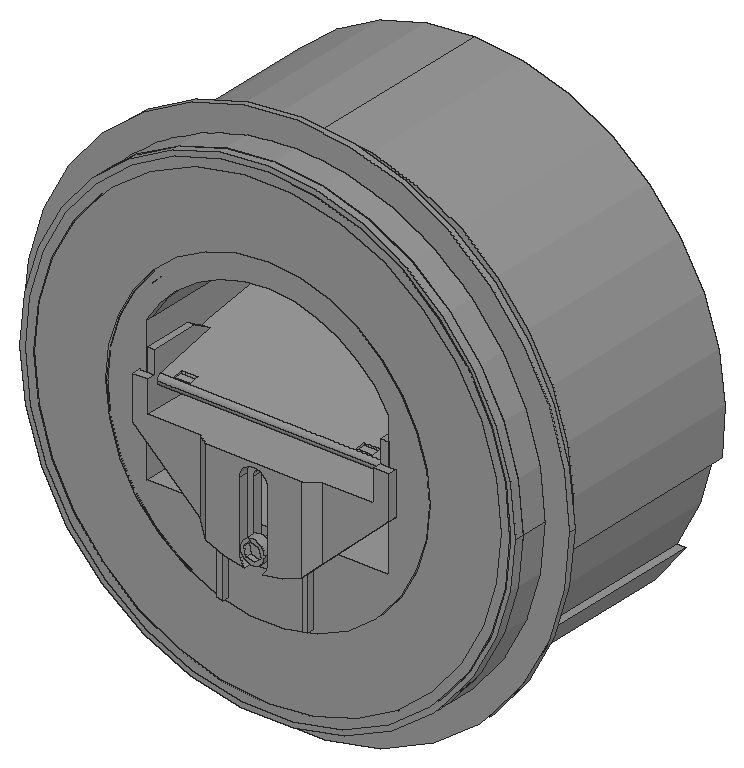
Revit family "CR 5 Inch Diameter", category Mechanical Equipment, Revit 2015
Parameters
  URL = "http://unitedenertech.com/catalog/pdf/L_2B,C%20Model%20CR.pdf"
  Type Comments = "5\" Diameter Model"
  Model = "CR"
  Manufacturer = "United Enertech Corporation"
  Description = "Precision/Flow Damper"
  Depth = 0' - 2.4"
  Damper O.D. = 0' - 4.64"
Reference planes (in)
  plane 1 "Center (Front/Back)": y = 0
  plane 2: z = 0
  plane 3 "Center (Left/Right)": x = 0
  plane 4: x = -2.32
  plane 5: x = 2.32
Forms (in)
  Extrusion 1, solid, material "Plastic, Opaque Black"
    sketch origin (0, 0, 0) x (1, 0, 0) y (0, 0, 1)
      loop
        circle (0, 0) r 2.3
      loop
        circle (0, 0) r 1.49
    from 0 to -0.08
  Extrusion 2, solid, material "Plastic, Opaque Black"
    sketch origin (0, 0, 0) x (1, 0, 0) y (0, 0, 1)
      loop
        circle (0, 0) r 1.5
      loop
        line (1.125, 0) -> (1.125, 0.62097)
        arc (1.125, 0.62097) -> (0.65318, 1.10661) -> (0, 1.285) r 1.285
        arc (0, 1.285) -> (-0.65318, 1.10661) -> (-1.125, 0.62097) r 1.285
        line (-1.125, 0.62097) -> (-1.125, 0) -> (-1.125, -0.707) -> (0, -0.707) -> (1.07302, -0.707) -> (1.125, -0.707) -> (1.125, 0)
    from 0 to -0.08
  Extrusion 3, solid, material "Plastic, Opaque Black"
    sketch origin (0, 0, 0) x (1, 0, 0) y (0, 0, 1)
      loop
        circle (0, 0) r 2.2
      loop
        circle (0, 0) r 2.134
    from -0.08 to -0.464
  Extrusion 4, solid, material "Plastic, Opaque Black"
    sketch origin (0, 0, 0) x (1, 0, 0) y (0, 0, 1)
      loop
        arc (0, 1.335) -> (-0.69895, 1.1374) -> (-1.191, 0.60311) r 1.335
        line (-1.191, 0.60311) -> (-1.191, 0) -> (-1.191, -0.80939)
        arc (-1.191, -0.80939) -> (-1.13589, -0.88507) -> (-1.07599, -0.957) r 1.44
        line (-1.07599, -0.957) -> (0, -0.957) -> (1.07599, -0.957)
        arc (1.07599, -0.957) -> (1.13589, -0.88507) -> (1.191, -0.80939) r 1.44
        line (1.191, -0.80939) -> (1.191, 0) -> (1.191, 0.60311)
        arc (1.191, 0.60311) -> (0.69895, 1.1374) -> (0, 1.335) r 1.335
      loop
        line (-1.125, 0.62097) -> (-1.125, -0.707) -> (1.125, -0.707) -> (1.125, 0.62097)
        arc (1.125, 0.62097) -> (0, 1.285) -> (-1.125, 0.62097) r 1.285
    from -0.08 to -1.767
  Extrusion 5, solid, material "Plastic, Opaque Black"
    sketch origin (0, 0, 0) x (1, 0, 0) y (0, 0, 1)
      loop
        circle (0, 0) r 1.49
      loop
        arc (-0.957, -0.957) -> (0, -1.3534) -> (0.957, -0.957) r 1.3534
        line (0.957, -0.957) -> (1.07599, -0.957)
        arc (1.07599, -0.957) -> (1.43602, 0.10693) -> (0.92239, 1.1058) r 1.44
        arc (0.92239, 1.1058) -> (-1.03426, 1.00196) -> (-1.07599, -0.957) r 1.44
        line (-1.07599, -0.957) -> (-0.957, -0.957)
    from -0.08 to -0.464
  Extrusion 6, void
    sketch origin (0, 0, 0) x (1, 0, 0) y (0, 0, 1)
      loop
        line (-1.125, -0.62016) -> (-1.125, -1.04425) -> (1.125, -1.04425) -> (1.125, -0.62016) -> (-1.125, -0.62016)
    from -1.442 to -1.82441
  Extrusion 7, solid, material "Plastic, Opaque Black"
    sketch origin (0, 0, 0) x (1, 0, 0) y (0, 0, 1)
      loop
        line (-1.05, -0.098) -> (-1.05, 0.193) -> (-1.185, 0.193) -> (-1.185, -0.207) -> (-0.446, -0.89503)
        arc (-0.446, -0.89503) -> (-0.22909, -0.9734) -> (0, -1) r 1
        arc (0, -1) -> (0.22909, -0.9734) -> (0.446, -0.89503) r 1
        line (0.446, -0.89503) -> (1.185, -0.207) -> (1.185, 0.193) -> (1.05, 0.193) -> (1.05, -0.098) -> (-1.05, -0.098)
      loop
        line (-0.065, -0.263) -> (-0.065, -0.895)
        arc (-0.065, -0.895) -> (0, -0.96) -> (0.065, -0.895) r 0.065
        line (0.065, -0.895) -> (0.065, -0.263)
        arc (0.065, -0.263) -> (0, -0.198) -> (-0.065, -0.263) r 0.065
    from 0 to 0.08203
  Extrusion 8, solid, material "Plastic, Opaque Black"
    sketch origin (0, 0, 0) x (1, 0, 0) y (0, 0, 1)
      loop
        line (-0.42146, -0.73589) -> (-0.42146, -1.40586)
        arc (-0.42146, -1.40586) -> (-0.39652, -1.4131) -> (-0.37146, -1.41989) r 1.46768
        line (-0.37146, -1.41989) -> (-0.37146, -0.73589) -> (-0.42146, -0.73589)
      loop
        line (0.42146, -0.73589) -> (0.37146, -0.73589) -> (0.37146, -1.41989)
        arc (0.37146, -1.41989) -> (0.39652, -1.4131) -> (0.42146, -1.40586) r 1.46768
        line (0.42146, -1.40586) -> (0.42146, -0.73589)
    from 0 to 0.06193
  Blend 9, solid, material "Plastic, Opaque Black"
    base sketch origin (0, 0, 0) x (1, 0, 0) y (0, 0, 1)
      loop
        arc (-0.446, -0.89503) -> (0, -1) -> (0.446, -0.89503) r 1
        line (0.446, -0.89503) -> (0.446, -0.098) -> (-0.446, -0.098) -> (-0.446, -0.89503)
    top sketch origin (0, 0, 0) x (1, 0, 0) y (0, 0, 1)
      loop
        line (-0.446, -0.098) -> (-0.566, -0.098) -> (-0.566, -0.78331) -> (-0.446, -0.89503)
        arc (-0.446, -0.89503) -> (0, -1) -> (0.446, -0.89503) r 1
        line (0.446, -0.89503) -> (0.566, -0.78331) -> (0.566, -0.098) -> (0.446, -0.098) -> (-0.446, -0.098)
    from 0.16303 to 0.08203
  Extrusion 10, void
    sketch origin (0, 0, 0) x (1, 0, 0) y (0, 0, 1)
      loop
        arc (-0.13141, -0.895) -> (0, -1.02641) -> (0.13141, -0.895) r 0.13141
        line (0.13141, -0.895) -> (0.13141, -0.263)
        arc (0.13141, -0.263) -> (0, -0.13159) -> (-0.13141, -0.263) r 0.13141
        line (-0.13141, -0.263) -> (-0.13141, -0.895)
    from 0.08203 to 0.20392
  Extrusion 11, solid, material "Plastic, Opaque Black"
    sketch origin (0, 0, 0) x (1, 0, 0) y (0, 0, 1)
      loop
        line (-1.05, -0.098) -> (-1.05, 0.402) -> (-1.125, 0.402) -> (-1.125, -0.26286) -> (1.125, -0.26286) -> (1.125, 0.402) -> (1.05, 0.402) -> (1.05, -0.098) -> (-1.05, -0.098)
    from -0.464 to 0
  Extrusion 12, solid, material "Plastic, Opaque Black"
    sketch origin (0, 0, 0) x (0, 1, 0) y (0, 0, 1)
      loop
        line (0.464, -0.26286) -> (1.214, -0.26286) -> (1.214, -0.01286) -> (0.464, 0.402) -> (0.464, -0.26286)
    from 1.05 to 1.125
  Extrusion 13, solid, material "Plastic, Opaque Black"
    sketch origin (0, 0, 0) x (0, 1, 0) y (0, 0, -1)
      loop
        line (0.464, 0.26286) -> (0.464, -0.402) -> (1.214, 0.01286) -> (1.214, 0.26286) -> (0.464, 0.26286)
    from 1.05 to 1.125
  Extrusion 14, solid, material "Plastic, Opaque Black"
    sketch origin (0, 0, 0) x (1, 0, 0) y (0, 1, 0)
      loop
        line (-1.05, 0.464) -> (1.05, 0.464) -> (1.05, 1.442)
        arc (1.05, 1.442) -> (0, 1.81895) -> (-1.05, 1.442) r 1.65087
        line (-1.05, 1.442) -> (-1.05, 0.464)
    from 0.1463 to 0.193
  Extrusion 15, solid, material "Plastic, Opaque Black"
    sketch origin (0, 0, 0) x (0, 1, 0) y (0, 0, 1)
      loop
        line (0.464, -0.18722) -> (0.7083, -0.18722) -> (0.7083, 0.1463) -> (0.464, 0.1463) -> (0.464, -0.18722)
    from -1.05 to 1.05
  Extrusion 16, solid, material "Plastic, Opaque Black"
    sketch origin (0, 0, 0) x (0, 1, 0) y (0, 0, 1)
      loop
        line (0.464, 0.193) -> (0.35965, 0.193) -> (0.35965, 0.08103) -> (0.464, 0.08103) -> (0.464, 0.193)
    from -0.4375 to 0.4375
  Extrusion 17, solid, material "Plastic, Opaque Black"
    sketch origin (0, 0, 0) x (0, 1, 0) y (0, 0, 1)
      loop
        line (0.7083, 0.1463) -> (0.7083, -0.08209) -> (0.83117, -0.08209) -> (0.83117, 0.1463) -> (0.7083, 0.1463)
    from -0.25 to 0.25
  Extrusion 18, solid, material "Plastic, Opaque Black"
    sketch origin (0, 0, 0) x (1, 0, 0) y (0, 0, 1)
      loop
        circle (0, 0.02793) r 0.06938
    from -0.83117 to -1.27974
  Extrusion 19, solid, material "Aluminum"
    sketch origin (0, 0, -0.2308) x (1, 0, 0) y (0, 0, 1)
      loop
        circle (0, -0.60301) r 0.1095
    from 0.08203 to 0.17747
  Extrusion 20, solid, material "Aluminum"
    sketch origin (0, 0, 0) x (1, 0, 0) y (0, 0, 1)
      loop
        circle (0, -0.83381) r 0.05567
    from 0 to 0.08203
  Extrusion 21, void
    sketch origin (-2.5, 0, 0) x (1, 0, 0) y (0, 0, 1)
      loop
        line (2.56158, -0.77222) -> (2.47746, -0.74968) -> (2.41587, -0.81127) -> (2.43842, -0.89539) -> (2.52254, -0.91793) -> (2.58413, -0.85635) -> (2.56158, -0.77222)
    from 0.11616 to 0.20652
  Extrusion 22, solid, material "Plastic, Opaque Black"
    sketch origin (0, 0.08934, -0.15811) x (1, 0, 0) y (0, 0.978148, 0.207912)
      loop
        line (-1.05, 0.0413) -> (1.05, 0.0413) -> (1.05, 0.464) -> (1.125, 0.464) -> (1.07202, 1.47487)
        arc (1.07202, 1.47487) -> (0, 1.85986) -> (-1.07202, 1.47487) r 1.68504
        line (-1.07202, 1.47487) -> (-1.125, 0.464) -> (-1.05, 0.464) -> (-1.05, 0.0413)
    from 0.31779 to 0.34205
  Extrusion 23, solid, material "Plastic, Opaque Black"
    sketch origin (0, 0, 0) x (0, 1, 0) y (0, 0, 1)
      loop
        circle (0.06939, 0.13792) r 0.04834
    from -1.05 to 1.05
  Sweep 24, solid, material "Plastic, Opaque Black"
    path in 3D
      loop
        arc (-1.07202, 1.46086, 0.4831) -> (0, 1.83744, 0.56314) -> (1.07202, 1.46086, 0.4831) r 1.68504
    profile origin (0, 1.83744, 0.56314) x (0, 0.978148, 0.207912) y (0, -0.207912, 0.978148)
      loop
        line (0, 0) -> (-0.03461, -0.02248)
        arc (-0.03461, -0.02248) -> (-0.01487, -0.44914) -> (-0.20561, -0.83131) r 0.84803
        line (-0.20561, -0.83131) -> (-0.18109, -0.85197)
        arc (-0.18109, -0.85197) -> (0.01613, -0.44866) -> (0, 0) r 0.9241
  Extrusion 25, void
    sketch origin (0, 0, 0) x (0, 1, 0) y (0, 0, 1)
      loop
        line (0.14613, 0.1906) -> (0.17059, 0.24056) -> (0.06874, 0.22806) -> (0.06874, 0.17273) -> (0.14613, 0.1906)
    from 0.77052 to 0.92376
  Extrusion 26, void
    sketch origin (0, 0, 0) x (0, 1, 0) y (0, 0, -1)
      loop
        line (0.14613, -0.1906) -> (0.06874, -0.17273) -> (0.06874, -0.22806) -> (0.17059, -0.24056) -> (0.14613, -0.1906)
    from 0.77052 to 0.92376
  Extrusion 27, solid, material "Plastic, Opaque Black"
    sketch origin (-13.72259, 0, 0) x (1, 0, 0) y (0, 0, 1)
      loop
        circle (13.72259, 0) r 2.25
      loop
        circle (13.72259, 0) r 2.17
    from 0 to -0.65
  Extrusion 28, solid, material "Plastic, Opaque Black"
    sketch origin (-13.72259, 0, 0) x (1, 0, 0) y (0, 0, 1)
      loop
        line (11.58612, -0.38) -> (11.50491, -0.38)
        arc (11.50491, -0.38) -> (11.63035, -0.82767) -> (11.84512, -1.24) r 2.25
        line (11.84512, -1.24) -> (11.94178, -1.24)
        arc (11.94178, -1.24) -> (11.7173, -0.82929) -> (11.58612, -0.38) r 2.17
      loop
        line (15.5034, -1.24) -> (15.60006, -1.24)
        arc (15.60006, -1.24) -> (15.81483, -0.82767) -> (15.94027, -0.38) r 2.25
        line (15.94027, -0.38) -> (15.85906, -0.38)
        arc (15.85906, -0.38) -> (15.72788, -0.82929) -> (15.5034, -1.24) r 2.17
    from -2.4 to -0.65
  Extrusion 29, solid, material "Plastic, Opaque Black"
    sketch origin (-13.72259, 0, 0) x (1, 0, 0) y (0, 0, 1)
      loop
        line (11.43392, -0.38) -> (11.53306, -0.38)
        arc (11.53306, -0.38) -> (12.02216, 1.43073) -> (13.72259, 2.22226) r 2.22226
        arc (13.72259, 2.22226) -> (15.42302, 1.43073) -> (15.91212, -0.38) r 2.22226
        line (15.91212, -0.38) -> (16.01126, -0.38)
        arc (16.01126, -0.38) -> (15.49234, 1.50013) -> (13.72259, 2.32) r 2.32
        arc (13.72259, 2.32) -> (11.95284, 1.50013) -> (11.43392, -0.38) r 2.32
      loop
        arc (11.76177, -1.24) -> (13.72259, -2.32) -> (15.68341, -1.24) r 2.32
        line (15.68341, -1.24) -> (15.56673, -1.24)
        arc (15.56673, -1.24) -> (13.72259, -2.22226) -> (11.87845, -1.24) r 2.22226
        line (11.87845, -1.24) -> (11.76177, -1.24)
    from -2.4 to -0.65
  Extrusion 30, solid, material "Plastic, Opaque Black"
    sketch origin (-13.72259, 0, 0) x (1, 0, 0) y (0, 0, 1)
      loop
        arc (11.58612, -0.38) -> (11.7173, -0.82929) -> (11.94178, -1.24) r 2.17
        line (11.94178, -1.24) -> (15.5034, -1.24)
        arc (15.5034, -1.24) -> (15.72788, -0.82929) -> (15.85906, -0.38) r 2.17
        line (15.85906, -0.38) -> (11.58612, -0.38)
    from -2.4 to -2.265
  Extrusion 31, void
    sketch origin (-13.72259, 0, 0) x (1, 0, 0) y (0, 0, 1)
      loop
        line (11.88738, -1.15797) -> (15.5578, -1.15797)
        arc (15.5578, -1.15797) -> (15.7307, -0.82244) -> (15.84283, -0.46203) r 2.17
        line (15.84283, -0.46203) -> (11.60235, -0.46203)
        arc (11.60235, -0.46203) -> (11.71448, -0.82244) -> (11.88738, -1.15797) r 2.17
    from -2.32708 to -2.20001
  Extrusion 32, void
    sketch origin (-13.72259, 0, 0) x (1, 0, 0) y (0, 0, 1)
      loop
        line (13.03259, -0.25) -> (13.03259, -1.33273) -> (14.41259, -1.33273) -> (14.41259, -0.25) -> (13.03259, -0.25)
    from -2.45577 to -2.20292
  Extrusion 33, solid, material "Plastic, Opaque Black"
    sketch origin (-13.72259, 0, 0) x (1, 0, 0) y (0, 1, 0)
      loop
        line (13.03259, 2.4) -> (13.03259, 2.265)
        arc (13.03259, 2.265) -> (13.72259, 2.4291) -> (14.41259, 2.265) r 1.5327
        line (14.41259, 2.265) -> (14.41259, 2.4)
        arc (14.41259, 2.4) -> (13.72259, 2.55109) -> (13.03259, 2.4) r 1.65109
    from -1.24 to -1.15797
  Extrusion 34, solid, material "Plastic, Opaque Black"
    sketch origin (-13.72259, 0, 0) x (1, 0, 0) y (0, 1, 0)
      loop
        line (13.03259, 2.4) -> (13.03259, 2.265)
        arc (13.03259, 2.265) -> (13.72259, 2.4291) -> (14.41259, 2.265) r 1.5327
        line (14.41259, 2.265) -> (14.41259, 2.4)
        arc (14.41259, 2.4) -> (13.72259, 2.55109) -> (13.03259, 2.4) r 1.65109
    from -0.46203 to -0.38
  Extrusion 35, solid, material "Plastic, Opaque Black"
    sketch origin (-13.72259, 0, 0) x (1, 0, 0) y (0, 1, 0)
      loop
        line (13.03259, 2.4) -> (13.03259, 2.32708)
        arc (13.03259, 2.32708) -> (13.72259, 2.48479) -> (14.41259, 2.32708) r 1.58824
        line (14.41259, 2.32708) -> (14.41259, 2.4)
        arc (14.41259, 2.4) -> (13.72259, 2.55109) -> (13.03259, 2.4) r 1.65109
    from -1.15797 to -0.46203
  Extrusion 36, solid, material "Rubber, Black"
    sketch origin (0, 0, 0) x (1, 0, 0) y (0, 0, 1)
      loop
        circle (0, 0) r 2.25
      loop
        circle (0, 0) r 2.3
    from -0.58911 to -0.08
  Extrusion 37, solid, material "Rubber, Black"
    sketch origin (0, 0, 0) x (1, 0, 0) y (0, 0, 1)
      loop
        circle (0, 0) r 2.5375
      loop
        circle (0, 0) r 2.3
    from -0.38456 to -0.33456
Cuts and joins
  Extrusion 6, Extrusion 10 cuts Extrusion 2
  Extrusion 6, Extrusion 10 cuts Extrusion 4
  joined: Extrusion 2, Extrusion 4
  Extrusion 6 cuts Extrusion 1
  Extrusion 6 cuts Extrusion 5
  Extrusion 10 cuts Extrusion 7
  Extrusion 10 cuts Blend 9
  joined: Extrusion 7, Blend 9, Extrusion 11, Extrusion 12, Extrusion 13
  joined: Extrusion 14, Extrusion 15, Extrusion 16, Extrusion 17, Extrusion 18
  Extrusion 21 cuts Extrusion 19
  Extrusion 25, Extrusion 26 cuts Extrusion 22
  Extrusion 25, Extrusion 26 cuts Extrusion 23
  joined: Extrusion 22, Extrusion 23
  joined: Extrusion 27, Extrusion 28
  Extrusion 31, Extrusion 32 cuts Extrusion 30
  joined: Extrusion 30, Extrusion 33, Extrusion 34, Extrusion 35
Lines and regions (in)
  sketch lines
    curve 1: arc (-1.07202, 1.46086, 0.4831) -> (0, 1.83744, 0.56314) -> (1.07202, 1.46086, 0.4831) r 1.68504
Dimensions and locks (in)
  "Damper O.D.": plane 4 to plane 5
  "Depth": Extrusion 29 to plane 1 "Center (Front/Back)"
  aligned and locked: level to plane 2
Automatic sketch dimensions
  Extrusion 1 sketch curve to Extrusion 1 sketch curve = 0' - 0"  (x2)
  Extrusion 1 sketch curve to level = 0' - 0"
  Extrusion 1 sketch curve to plane 3 "Center (Left/Right)" = 0' - 0"
  Extrusion 2 sketch curve to Extrusion 2 sketch curve = 0' - 0"  (x6)
  Extrusion 2 sketch curve to level = 0' - 0"  (x3)
  Extrusion 2 sketch curve to plane 3 "Center (Left/Right)" = 0' - 0"  (x2)
  Extrusion 2 sketch curve to Extrusion 2 sketch curve = 0' - 1 1/8"
  plane 3 "Center (Left/Right)" to Extrusion 2 sketch curve = 0' - 1.07302"
  level to Extrusion 2 sketch curve = 0' - 0.62097"
  plane 3 "Center (Left/Right)" to Extrusion 2 sketch curve = 0' - 1 1/8"
  Extrusion 2 sketch curve to level = 0' - 0.707"
  Extrusion 3 sketch curve to Extrusion 3 sketch curve = 0' - 0"  (x2)
  Extrusion 3 sketch curve to level = 0' - 0"
  Extrusion 3 sketch curve to plane 3 "Center (Left/Right)" = 0' - 0"
  Extrusion 4 sketch curve to Extrusion 4 sketch curve = 0' - 0"  (x20)
  Extrusion 4 sketch curve to level = 0' - 0"  (x3)
  Extrusion 4 sketch curve to plane 3 "Center (Left/Right)" = 0' - 0"  (x2)
  Extrusion 4 sketch curve to Extrusion 4 sketch curve = 0' - 1.07599"
  Extrusion 4 sketch curve to Extrusion 4 sketch curve = 0' - 0.04901"  (x2)
  Extrusion 4 sketch curve to Extrusion 4 sketch curve = 0' - 0.066"  (x2)
  plane 3 "Center (Left/Right)" to Extrusion 4 sketch curve = 0' - 1.07599"
  Extrusion 4 sketch curve to level = 0' - 0.707"
  Extrusion 4 sketch curve to Extrusion 4 sketch curve = 0' - 0.10239"
  Extrusion 4 sketch curve to Extrusion 4 sketch curve = 0' - 0.60311"
  Extrusion 4 sketch curve to Extrusion 4 sketch curve = 0' - 0.01786"
  Extrusion 5 sketch curve to Extrusion 5 sketch curve = 0' - 0"  (x12)
  Extrusion 5 sketch curve to level = 0' - 0"
  Extrusion 5 sketch curve to plane 3 "Center (Left/Right)" = 0' - 0"
  Extrusion 5 sketch curve to plane 3 "Center (Left/Right)" = 0' - 0.957"
  Extrusion 5 sketch curve to Extrusion 5 sketch curve = 0' - 0.11899"
  plane 3 "Center (Left/Right)" to Extrusion 5 sketch curve = 0' - 0.957"
  Extrusion 5 sketch curve to level = 0' - 0.957"
  plane 3 "Center (Left/Right)" to Extrusion 5 sketch curve = 0' - 0.92239"
  Extrusion 6 sketch curve to plane 3 "Center (Left/Right)" = 0' - 1 1/8"
  plane 3 "Center (Left/Right)" to Extrusion 6 sketch curve = 0' - 1 1/8"
  Extrusion 6 sketch curve to level = 0' - 1.04425"
  Extrusion 6 sketch curve to Extrusion 6 sketch curve = 0' - 0.42408"
  Extrusion 7 sketch curve to Extrusion 7 sketch curve = 0' - 0"  (x2)
  Extrusion 7 sketch curve to plane 3 "Center (Left/Right)" = 0' - 0"  (x2)
  Extrusion 7 sketch curve to level = 0' - 0"
  Extrusion 7 sketch curve to Extrusion 7 sketch curve = 0' - 0.065"
  Extrusion 7 sketch curve to Extrusion 7 sketch curve = 0' - 0.381"  (x2)
  Extrusion 7 sketch curve to level = 0' - 0.098"
  Extrusion 7 sketch curve to Extrusion 7 sketch curve = 0' - 0.985"
  Extrusion 7 sketch curve to Extrusion 7 sketch curve = 0' - 0.135"  (x2)
  level to Extrusion 7 sketch curve = 0' - 0.193"  (x2)
  plane 3 "Center (Left/Right)" to Extrusion 7 sketch curve = 0' - 1.05"
  Extrusion 7 sketch curve to level = 0' - 0.207"
  Extrusion 7 sketch curve to level = 0' - 0.263"
  Extrusion 7 sketch curve to Extrusion 7 sketch curve = 0' - 0.632"
  Extrusion 7 sketch curve to Extrusion 7 sketch curve = 0' - 0.00003"
  Extrusion 7 sketch curve to Extrusion 7 sketch curve = 0' - 0.109"
  Extrusion 8 sketch curve to Extrusion 8 sketch curve = 0' - 0"  (x2)
  Extrusion 8 sketch curve to level = 0' - 0"
  Extrusion 8 sketch curve to plane 3 "Center (Left/Right)" = 0' - 0"
  Extrusion 8 sketch curve to plane 3 "Center (Left/Right)" = 0' - 0.37146"
  Extrusion 8 sketch curve to Extrusion 8 sketch curve = 0' - 0.05"  (x2)
  plane 3 "Center (Left/Right)" to Extrusion 8 sketch curve = 0' - 0.37146"
  Extrusion 8 sketch curve to level = 0' - 0.73589"  (x2)
  Extrusion 8 sketch curve to Extrusion 8 sketch curve = 0' - 0.66997"  (x2)
  Blend 9 sketch curve to level = 0' - 0"  (x2)
  Blend 9 sketch curve to plane 3 "Center (Left/Right)" = 0' - 0"  (x2)
  Blend 9 sketch curve to plane 3 "Center (Left/Right)" = 0' - 0.446"  (x3)
  Blend 9 sketch curve to level = 0' - 0.098"  (x2)
  plane 3 "Center (Left/Right)" to Blend 9 sketch curve = 0' - 0.446"  (x3)
  Blend 9 sketch curve to Blend 9 sketch curve = 0' - 0.79703"
  Blend 9 sketch curve to Blend 9 sketch curve = 0' - 0.12"  (x2)
  Blend 9 sketch curve to Blend 9 sketch curve = 0' - 0.68531"  (x2)
  Blend 9 sketch curve to Blend 9 sketch curve = 0' - 0.11172"
  Extrusion 10 sketch curve to plane 3 "Center (Left/Right)" = 0' - 0"
  Extrusion 10 sketch curve to Extrusion 10 sketch curve = 0' - 0.13141"
  Extrusion 10 sketch curve to level = 0' - 0.895"
  Extrusion 10 sketch curve to level = 0' - 0.263"
  Extrusion 11 sketch curve to level = 0' - 0.26286"
  Extrusion 11 sketch curve to plane 3 "Center (Left/Right)" = 0' - 1 1/8"
  Extrusion 11 sketch curve to Extrusion 11 sketch curve = 0' - 0.075"  (x2)
  level to Extrusion 11 sketch curve = 0' - 0.402"  (x2)
  plane 3 "Center (Left/Right)" to Extrusion 11 sketch curve = 0' - 1.05"
  Extrusion 11 sketch curve to level = 0' - 0.098"
  Extrusion 12 sketch curve to plane 1 "Center (Front/Back)" = 0' - 0.464"
  Extrusion 12 sketch curve to level = 0' - 0.01286"
  Extrusion 12 sketch curve to Extrusion 12 sketch curve = 0' - 0 3/4"
  Extrusion 12 sketch curve to level = 0' - 0.26286"
  level to Extrusion 12 sketch curve = 0' - 0.402"
  Extrusion 13 sketch curve to plane 1 "Center (Front/Back)" = 0' - 0.464"
  Extrusion 13 sketch curve to level = 0' - 0.01286"
  Extrusion 13 sketch curve to Extrusion 13 sketch curve = 0' - 0 3/4"
  level to Extrusion 13 sketch curve = 0' - 0.402"
  Extrusion 13 sketch curve to Extrusion 13 sketch curve = 0' - 0 1/4"
  Extrusion 14 sketch curve to plane 3 "Center (Left/Right)" = 0' - 0"
  Extrusion 14 sketch curve to plane 1 "Center (Front/Back)" = 0' - 0.464"
  Extrusion 14 sketch curve to plane 3 "Center (Left/Right)" = 0' - 1.05"
  plane 3 "Center (Left/Right)" to Extrusion 14 sketch curve = 0' - 1.05"
  Extrusion 14 sketch curve to plane 1 "Center (Front/Back)" = 0' - 0.16808"
  Extrusion 14 sketch curve to Extrusion 14 sketch curve = 0' - 0.978"
  level to Extrusion 15 sketch curve = 0' - 0.1463"
  Extrusion 15 sketch curve to plane 1 "Center (Front/Back)" = 0' - 0.464"
  Extrusion 15 sketch curve to Extrusion 15 sketch curve = 0' - 0.2443"
  Extrusion 15 sketch curve to level = 0' - 0.18722"
  Extrusion 16 sketch curve to plane 1 "Center (Front/Back)" = 0' - 0.35965"
  Extrusion 16 sketch curve to Extrusion 16 sketch curve = 0' - 0.10435"
  level to Extrusion 16 sketch curve = 0' - 0.08103"
  Extrusion 16 sketch curve to Extrusion 16 sketch curve = 0' - 0.11197"
  Extrusion 17 sketch curve to level = 0' - 0.08209"
  Extrusion 17 sketch curve to plane 1 "Center (Front/Back)" = 0' - 0.7083"
  Extrusion 17 sketch curve to Extrusion 17 sketch curve = 0' - 0.12287"
  level to Extrusion 17 sketch curve = 0' - 0.1463"
  Extrusion 18 sketch curve to plane 3 "Center (Left/Right)" = 0' - 0"
  level to Extrusion 18 sketch curve = 0' - 0.02793"
  Extrusion 19 sketch curve to plane 3 "Center (Left/Right)" = 0' - 0"
  Extrusion 19 sketch curve to level = 0' - 0.83381"
  Extrusion 20 sketch curve to plane 3 "Center (Left/Right)" = 0' - 0"
  Extrusion 20 sketch curve to level = 0' - 0.83381"
  Extrusion 21 sketch curve to plane 3 "Center (Left/Right)" = 0' - 0.08413"
  Extrusion 21 sketch curve to plane 3 "Center (Left/Right)" = 0' - 0.06158"
  Extrusion 21 sketch curve to plane 3 "Center (Left/Right)" = 0' - 0.02254"
  plane 3 "Center (Left/Right)" to Extrusion 21 sketch curve = 0' - 0.02254"
  plane 3 "Center (Left/Right)" to Extrusion 21 sketch curve = 0' - 0.06158"
  plane 3 "Center (Left/Right)" to Extrusion 21 sketch curve = 0' - 0.08413"
  Extrusion 21 sketch curve to level = 0' - 0.91793"
  Extrusion 21 sketch curve to Extrusion 21 sketch curve = 0' - 0.02254"
  Extrusion 21 sketch curve to Extrusion 21 sketch curve = 0' - 0.06158"  (x2)
  Extrusion 21 sketch curve to Extrusion 21 sketch curve = 0' - 0.08413"  (x2)
  Extrusion 22 sketch curve to plane 3 "Center (Left/Right)" = 0' - 0"
  Extrusion 22 sketch curve to plane 3 "Center (Left/Right)" = 0' - 1.05"
  Extrusion 22 sketch curve to Extrusion 22 sketch curve = 0' - 0.02202"  (x2)
  Extrusion 22 sketch curve to Extrusion 22 sketch curve = 0' - 0.075"  (x2)
  plane 3 "Center (Left/Right)" to Extrusion 22 sketch curve = 0' - 1.05"
  Extrusion 22 sketch curve to Extrusion 22 sketch curve = 0' - 0.13352"
  Extrusion 22 sketch curve to Extrusion 22 sketch curve = 0' - 0.4227"  (x2)
  Extrusion 22 sketch curve to Extrusion 22 sketch curve = 0' - 1.01087"
  Extrusion 23 sketch curve to plane 1 "Center (Front/Back)" = 0' - 0.06939"
  level to Extrusion 23 sketch curve = 0' - 0.13792"
  profile plane to Sweep 24 sketch curve = 0' - 0"
  Sweep 24 sketch curve to profile plane = 0' - 0"
  profile plane to Sweep 24 sketch curve = 0' - 0.03461"
  profile plane to Sweep 24 sketch curve = 0' - 0.18109"
  Sweep 24 sketch curve to Sweep 24 sketch curve = 0' - 0.02451"
  Sweep 24 sketch curve to profile plane = 0' - 0.27374"
  profile plane to Sweep 24 sketch curve = 0' - 0.84456"
  Sweep 24 sketch curve to Sweep 24 sketch curve = 0' - 0.04322"
  Sweep 24 sketch curve to profile plane = 0' - 0.83131"
  Sweep 24 sketch curve to Sweep 24 sketch curve = 0' - 0.02066"
  Extrusion 25 sketch curve to plane 1 "Center (Front/Back)" = 0' - 0.06874"
  Extrusion 25 sketch curve to Extrusion 25 sketch curve = 0' - 0.07739"
  Extrusion 25 sketch curve to Extrusion 25 sketch curve = 0' - 0.02446"
  level to Extrusion 25 sketch curve = 0' - 0.17273"
  Extrusion 25 sketch curve to Extrusion 25 sketch curve = 0' - 0.01787"
  Extrusion 25 sketch curve to Extrusion 25 sketch curve = 0' - 0.05533"
  Extrusion 25 sketch curve to Extrusion 25 sketch curve = 0' - 0.04997"
  Extrusion 26 sketch curve to plane 1 "Center (Front/Back)" = 0' - 0.06874"
  Extrusion 26 sketch curve to Extrusion 26 sketch curve = 0' - 0.07739"
  Extrusion 26 sketch curve to Extrusion 26 sketch curve = 0' - 0.02446"
  level to Extrusion 26 sketch curve = 0' - 0.24056"
  Extrusion 26 sketch curve to Extrusion 26 sketch curve = 0' - 0.01251"
  Extrusion 26 sketch curve to Extrusion 26 sketch curve = 0' - 0.04997"
  Extrusion 26 sketch curve to Extrusion 26 sketch curve = 0' - 0.05533"
  Extrusion 27 sketch curve to Extrusion 27 sketch curve = 0' - 0"  (x2)
  Extrusion 27 sketch curve to level = 0' - 0"
  Extrusion 27 sketch curve to plane 3 "Center (Left/Right)" = 0' - 0"
  Extrusion 28 sketch curve to Extrusion 28 sketch curve = 0' - 0"  (x12)
  Extrusion 28 sketch curve to level = 0' - 0"
  Extrusion 28 sketch curve to plane 3 "Center (Left/Right)" = 0' - 0"
  Extrusion 28 sketch curve to plane 4 = 0' - 0.53919"
  Extrusion 28 sketch curve to Extrusion 28 sketch curve = 0' - 0.09666"  (x2)
  Extrusion 28 sketch curve to plane 4 = 0' - 0.18353"
  plane 5 to Extrusion 28 sketch curve = 0' - 0.53919"
  plane 5 to Extrusion 28 sketch curve = 0' - 0.18353"
  Extrusion 28 sketch curve to level = 0' - 0.38"  (x2)
  Extrusion 29 sketch curve to Extrusion 29 sketch curve = 0' - 0"  (x34)
  Extrusion 29 sketch curve to level = 0' - 0"
  Extrusion 29 sketch curve to plane 3 "Center (Left/Right)" = 0' - 0"
  Extrusion 29 sketch curve to plane 4 = 0' - 0.13047"
  Extrusion 29 sketch curve to plane 4 = 0' - 0.03133"
  plane 5 to Extrusion 29 sketch curve = 0' - 0.13047"
  Extrusion 29 sketch curve to level = 0' - 0.38"
  Extrusion 29 sketch curve to plane 4 = 0' - 0.47586"
  Extrusion 29 sketch curve to Extrusion 29 sketch curve = 0' - 0.11668"
  plane 5 to Extrusion 29 sketch curve = 0' - 0.47586"
  Extrusion 29 sketch curve to Extrusion 29 sketch curve = 0' - 0.86"
  Extrusion 30 sketch curve to Extrusion 30 sketch curve = 0' - 0"  (x2)
  Extrusion 30 sketch curve to level = 0' - 0"
  Extrusion 30 sketch curve to plane 3 "Center (Left/Right)" = 0' - 0"
  Extrusion 30 sketch curve to plane 4 = 0' - 0.53919"
  Extrusion 30 sketch curve to plane 4 = 0' - 0.18353"
  plane 5 to Extrusion 30 sketch curve = 0' - 0.53919"
  Extrusion 30 sketch curve to level = 0' - 0.38"
  Extrusion 31 sketch curve to Extrusion 31 sketch curve = 0' - 0"  (x2)
  Extrusion 31 sketch curve to level = 0' - 0"
  Extrusion 31 sketch curve to plane 3 "Center (Left/Right)" = 0' - 0"
  Extrusion 31 sketch curve to plane 4 = 0' - 0.48479"
  Extrusion 31 sketch curve to plane 4 = 0' - 0.19976"
  plane 5 to Extrusion 31 sketch curve = 0' - 0.48479"
  Extrusion 31 sketch curve to level = 0' - 0.46203"
  Extrusion 32 sketch curve to plane 3 "Center (Left/Right)" = 0' - 0.69"
  plane 3 "Center (Left/Right)" to Extrusion 32 sketch curve = 0' - 0.69"
  Extrusion 32 sketch curve to level = 0' - 1.33273"
  Extrusion 32 sketch curve to level = 0' - 0 1/4"
  Extrusion 33 sketch curve to plane 3 "Center (Left/Right)" = 0' - 0"  (x2)
  Extrusion 33 sketch curve to plane 3 "Center (Left/Right)" = 0' - 0.69"
  plane 3 "Center (Left/Right)" to Extrusion 33 sketch curve = 0' - 0.69"
  Extrusion 33 sketch curve to plane 1 "Center (Front/Back)" = 0' - 0.8964"
  Extrusion 33 sketch curve to Extrusion 33 sketch curve = 0' - 0.0036"
  Extrusion 33 sketch curve to Extrusion 33 sketch curve = 0' - 1.365"
  Extrusion 33 sketch curve to Extrusion 33 sketch curve = 0' - 0.135"
  Extrusion 34 sketch curve to plane 3 "Center (Left/Right)" = 0' - 0"  (x2)
  Extrusion 34 sketch curve to plane 3 "Center (Left/Right)" = 0' - 0.69"
  plane 3 "Center (Left/Right)" to Extrusion 34 sketch curve = 0' - 0.69"
  Extrusion 34 sketch curve to plane 1 "Center (Front/Back)" = 0' - 0.8964"
  Extrusion 34 sketch curve to Extrusion 34 sketch curve = 0' - 0.0036"
  Extrusion 34 sketch curve to Extrusion 34 sketch curve = 0' - 1.365"
  Extrusion 34 sketch curve to Extrusion 34 sketch curve = 0' - 0.135"
  Extrusion 35 sketch curve to plane 3 "Center (Left/Right)" = 0' - 0"  (x2)
  Extrusion 35 sketch curve to plane 3 "Center (Left/Right)" = 0' - 0.69"
  plane 3 "Center (Left/Right)" to Extrusion 35 sketch curve = 0' - 0.69"
  Extrusion 35 sketch curve to plane 1 "Center (Front/Back)" = 0' - 0.89655"
  Extrusion 35 sketch curve to Extrusion 35 sketch curve = 0' - 0.00345"
  Extrusion 35 sketch curve to Extrusion 35 sketch curve = 0' - 1.42708"
  Extrusion 35 sketch curve to Extrusion 35 sketch curve = 0' - 0.07292"
  Extrusion 36 sketch curve to Extrusion 36 sketch curve = 0' - 0"  (x2)
  Extrusion 36 sketch curve to level = 0' - 0"
  Extrusion 36 sketch curve to plane 3 "Center (Left/Right)" = 0' - 0"
  Extrusion 37 sketch curve to Extrusion 37 sketch curve = 0' - 0"  (x2)
  Extrusion 37 sketch curve to level = 0' - 0"
  Extrusion 37 sketch curve to plane 3 "Center (Left/Right)" = 0' - 0"
  radius of Extrusion 1 sketch curve = 0' - 2.3"
  radius of Extrusion 1 sketch curve = 0' - 1.49"
  radius of Extrusion 2 sketch curve = 0' - 1 1/2"
  radius of Extrusion 3 sketch curve = 0' - 2.2"
  radius of Extrusion 3 sketch curve = 0' - 2.134"
  radius of Extrusion 5 sketch curve = 0' - 1.49"
  radius of Extrusion 18 sketch curve = 0' - 0.06938"
  radius of Extrusion 19 sketch curve = 0' - 0.1095"
  radius of Extrusion 20 sketch curve = 0' - 0.05567"
  radius of Extrusion 23 sketch curve = 0' - 0.04834"
  radius of Extrusion 27 sketch curve = 0' - 2 1/4"
  radius of Extrusion 27 sketch curve = 0' - 2.17"
  radius of Extrusion 36 sketch curve = 0' - 2 1/4"
  radius of Extrusion 36 sketch curve = 0' - 2.3"
  radius of Extrusion 37 sketch curve = 0' - 2.5375"
  radius of Extrusion 37 sketch curve = 0' - 2.3"
